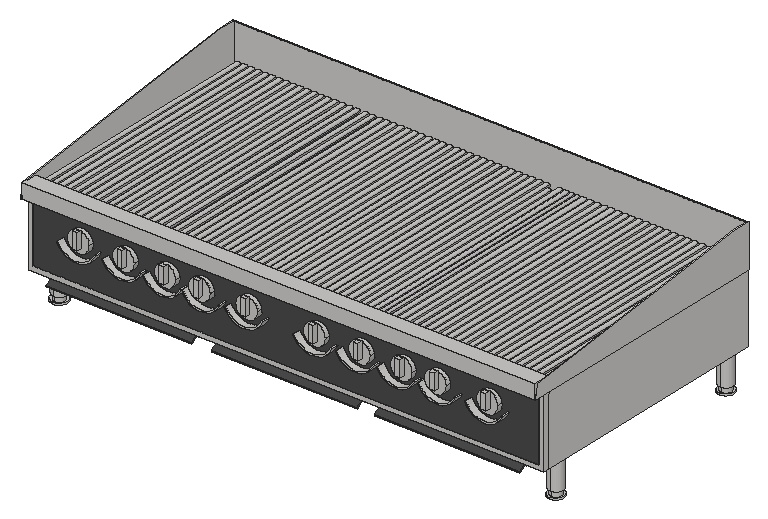
Revit family "QF_Vollrath_960CG", category Specialty Equipment, Revit 2016
Family settings
  Part Type = Normal
  Round Connector Dimension = Use Diameter
  OmniClass Number = 23.40.40.14.17.21
  OmniClass Title = Grills
  Work Plane-Based = No
  Always vertical = Yes
  Cut with Voids When Loaded = No
  Shared = No
  Room Calculation Point = No
Parameters (values of type "960CG")
  Width = 60.00"
  Weight in Pounds = 675
  Watermarked By = "http://revitwatermark.com"
  URL Cutsheet = ""
  URL = ""
  Status [instance] = ""
  Specification by User [instance] = ""
  Specification by Manufacturer [instance] = ""
  Serial Number [instance] = ""
  Seismic Rating [instance] = ""
  Revision Code [instance] = ""
  NAFEM Spec ID Number [instance] = ""
  Model = "960CG"
  Mechanical Remarks [instance] = ""
  Mechanical Connection Type [instance] = ""
  Masterspec [instance] = ""
  Manufacturer = "Vollrath"
  Length = 31.00"
  Item Number [instance] = "-"
  Installed By [instance] = ""
  Height AFF [instance] = 36.00"
  Gas Size = 3/4"
  Gas RI Height [instance] = 0.00"
  Gas Input = 200000.0 Btu/h
  Gas Connection Height [instance] = Height AFF + 5.375"  # 41.375"
  Furnished By [instance] = ""
  Foodservice Equipment Identifier [instance] = yes
  Description = "Heavy Duty Charbroiler"
  CSI MasterFormat = "11 44 00"
  Assembly Code = "E1090320"
Reference planes (in)
  plane 1: z = 0
  plane 2 "BOTTOM": z = 36
  plane 3 "LEFT CLEARANCE": x = -30.72076
  plane 4 "RIGHT CLEARANCE": x = 41.27924
  plane 5 "BACK CLEARANCE": y = 6
  plane 6 "FRONT": y = -31
  plane 7 "Top of Legs": z = 40
  plane 8 "LEFT": x = -24.72076
  plane 9 "RIGHT": x = 35.27924
  plane 10 "BACK": y = 0
  plane 11: z = 39.75
  plane 12: z = 39.5
  plane 13: x = -22.40972
  plane 14: x = -18.72076
  plane 15: x = -15.03179
  plane 16: z = 41.5
  plane 17: x = -12.72076
  plane 18: y = -0.125
  plane 19: x = -24.59576
  plane 20: z = 48.06
  plane 21: x = -6.72076
  plane 22 "TOP": z = 53.06
  plane 23: x = 2.27924
  plane 24: x = 8.27924
  plane 25: x = 5.27924
  plane 26: x = 11.27924
  plane 27: y = -53.12109
  plane 28: z = 48.48003
  plane 29: x = 11.77924
  plane 30: y = 1.375
Forms (in)
  Extrusion 1, solid, material "QF_Finishes_Stainless Steel"
    sketch origin (0, 0, 36) x (0, 1, 0) y (-1, 0, 0)
      loop
        circle (-2, 23.59576) r 0.9375
    from 0 to 0.125
  Extrusion 2, solid, material "QF_Finishes_Stainless Steel"
    sketch origin (0, 0, 36) x (0, 1, 0) y (-1, 0, 0)
      loop
        circle (-2, 23.59576) r 0.625
    from 0.125 to 0.75
  Extrusion 3, solid, material "QF_Finishes_Stainless Steel"
    sketch origin (0, 0, 36) x (0, 1, 0) y (-1, 0, 0)
      loop
        circle (-2, 23.59576) r 0.8125
    from 0.75 to 4
  Extrusion 4, solid, material "QF_Finishes_Stainless Steel"
    sketch origin (33.375, 0, 36) x (0, 1, 0) y (-1, 0, 0)
      loop
        circle (-2, -0.90424) r 0.9375
    from 0 to 0.125
  Extrusion 5, solid, material "QF_Finishes_Stainless Steel"
    sketch origin (33.375, 0, 36) x (0, 1, 0) y (-1, 0, 0)
      loop
        circle (-2, -0.90424) r 0.625
    from 0.125 to 0.75
  Extrusion 6, solid, material "QF_Finishes_Stainless Steel"
    sketch origin (33.375, 0, 36) x (0, 1, 0) y (-1, 0, 0)
      loop
        circle (-2, -0.90424) r 0.8125
    from 0.75 to 4
  Extrusion 7, solid, material "QF_Finishes_Stainless Steel"
    sketch origin (33.375, -25.75, 36) x (0, 1, 0) y (-1, 0, 0)
      loop
        circle (-1, -0.90424) r 0.9375
    from 0 to 0.125
  Extrusion 8, solid, material "QF_Finishes_Stainless Steel"
    sketch origin (33.375, -25.75, 36) x (0, 1, 0) y (-1, 0, 0)
      loop
        circle (-1, -0.90424) r 0.625
    from 0.125 to 0.75
  Extrusion 9, solid, material "QF_Finishes_Stainless Steel"
    sketch origin (33.375, -25.75, 36) x (0, 1, 0) y (-1, 0, 0)
      loop
        circle (-1, -0.90424) r 0.8125
    from 0.75 to 4
  Extrusion 10, solid, material "QF_Finishes_Stainless Steel"
    sketch origin (0, -25.75, 36) x (0, 1, 0) y (-1, 0, 0)
      loop
        circle (-1, 23.59576) r 0.9375
    from 0 to 0.125
  Extrusion 11, solid, material "QF_Finishes_Stainless Steel"
    sketch origin (0, -25.75, 36) x (0, 1, 0) y (-1, 0, 0)
      loop
        circle (-1, 23.59576) r 0.625
    from 0.125 to 0.75
  Extrusion 12, solid, material "QF_Finishes_Stainless Steel"
    sketch origin (0, -25.75, 36) x (0, 1, 0) y (-1, 0, 0)
      loop
        circle (-1, 23.59576) r 0.8125
    from 0.75 to 4
  Extrusion 13, solid, material "QF_Finishes_Stainless Steel"
    sketch origin (0, 0, 36) x (0, 1, 0) y (-1, 0, 0)
      loop
        line (0, 24.72076) -> (-29.04599, 24.72076) -> (-29.04599, -35.27924) -> (0, -35.27924) -> (0, 24.72076)
    from 4 to 12.06
  Extrusion 14, solid, material "QF_Finishes_Black"
    sketch origin (0, -4, 0) x (1, 0, 0) y (0, 0, 1)
      loop
        line (-22.40972, 40) -> (-22.40972, 39.75) -> (-5.48022, 39.75) -> (-5.48022, 40) -> (-22.40972, 40)
    from 0 to 25.04599
  Extrusion 15, solid, material "QF_Finishes_Black"
    sketch origin (0, -4, 0) x (1, 0, 0) y (0, 0, 1)
      loop
        line (-22.40972, 39.75) -> (-22.40972, 39.5) -> (-5.48022, 39.5) -> (-5.48022, 39.75) -> (-22.40972, 39.75)
    from 0 to 25.04599
  Extrusion 16, solid, material "QF_Finishes_Black"
    sketch origin (0, -4, 0) x (1, 0, 0) y (0, 0, 1)
      loop
        line (-24.21829, 47.52818) -> (-24.21829, 40.59949) -> (34.65671, 40.59949) -> (34.65671, 47.52818) -> (-24.21829, 47.52818)
      loop
        circle (-18.54502, 45.36228) r 1.25
      loop
        circle (-13.29502, 45.36228) r 1.25
      loop
        circle (-8.43082, 45.36228) r 1.25
      loop
        circle (1.06918, 45.36228) r 1.25
      loop
        circle (-4.43082, 45.36228) r 1.25
      loop
        circle (8.95498, 45.36228) r 1.25
      loop
        circle (14.20498, 45.36228) r 1.25
      loop
        circle (19.06918, 45.36228) r 1.25
      loop
        circle (29.06918, 45.36228) r 1.25
      loop
        circle (23.06918, 45.36228) r 1.25
    from 25.04599 to 25.75
  Extrusion 17, solid, material "QF_Finishes_Stainless Steel"
    sketch origin (3.25, -4, 0) x (1, 0, 0) y (0, 0, 1)
      loop
        circle (-21.79502, 45.36228) r 1.25
    from 25.04599 to 26.25
  Extrusion 18, solid, material "QF_Finishes_Stainless Steel"
    sketch origin (3.25, -4, 0) x (1, 0, 0) y (0, 0, 1)
      loop
        line (-22.10719, 46.57267) -> (-22.10719, 44.72002) -> (-21.55452, 44.72002) -> (-21.55452, 46.57267) -> (-22.10719, 46.57267)
    from 26.25 to 26.75
  Extrusion 19, solid, material "QF_Finishes_Black"
    sketch origin (-24.72076, 0, 0) x (0, 1, 0) y (0, 0, 1)
      loop
        line (-29.04599, 39.75) -> (-29.04599, 39.81748)
        arc (-29.04599, 39.81748) -> (-29.64263, 39.6735) -> (-30.1385, 39.31181) r 1.57025
        line (-30.1385, 39.31181) -> (-30.07487, 39.24818)
        arc (-30.07487, 39.24818) -> (-29.60779, 39.59619) -> (-29.04599, 39.75) r 1.57025
    from 2.31103 to 19.24054
  Extrusion 20, solid, material "QF_Finishes_Clearances", detail levels coarse
    sketch origin (0, 0, 36) x (0, 1, 0) y (-1, 0, 0)
      loop
        line (6, 30.72076) -> (-31, 30.72076) -> (-31, 24.72076) -> (6, 24.72076) -> (6, 30.72076)
    from 0 to 17.06
  Extrusion 21, solid, material "QF_Finishes_Clearances", detail levels coarse
    sketch origin (0, 0, 36) x (0, 1, 0) y (-1, 0, 0)
      loop
        line (6, -35.27924) -> (-31, -35.27924) -> (-31, -41.27924) -> (6, -41.27924) -> (6, -35.27924)
    from 0 to 17.06
  Extrusion 22, solid, material "QF_Finishes_Clearances", detail levels coarse
    sketch origin (0, 0, 36) x (0, 1, 0) y (-1, 0, 0)
      loop
        line (6, 24.72076) -> (0, 24.72076) -> (0, -35.27924) -> (6, -35.27924) -> (6, 24.72076)
    from 0 to 17.06
  Extrusion 23, solid, material "QF_Finishes_Stainless Steel"
    sketch origin (27.31103, 0, 0) x (1, 0, 0) y (0, 0, 1)
      loop
        circle (-15.53179, 41.5) r 0.375
    from -1.375 to 0
  Extrusion 24, solid, material "QF_Finishes_Stainless Steel"
    sketch origin (-36.59576, 0, 0) x (0, 1, 0) y (0, 0, 1)
      loop
        line (-1.85356, 53.06) -> (-30.61694, 49.57986) -> (-31.00644, 48.06) -> (0, 48.06) -> (0, 53.06) -> (-1.85356, 53.06)
    from 11.875 to 12
  Extrusion 25, solid, material "QF_Finishes_Stainless Steel"
    sketch origin (-24.72076, 0, 0) x (0, 1, 0) y (0, 0, 1)
      loop
        line (-29.04599, 48.06) -> (-29.04599, 49.685) -> (-31, 49.685) -> (-31, 48.06) -> (-29.04599, 48.06)
    from 0.125 to 59.875
  Extrusion 26, solid, material "QF_Finishes_Stainless Steel"
    sketch origin (0, -4, 0) x (1, 0, 0) y (0, 0, 1)
      loop
        line (-24.72076, 48.06) -> (-24.72076, 40) -> (35.27924, 40) -> (35.27924, 48.06) -> (-24.72076, 48.06)
      loop
        line (-24.21829, 47.52818) -> (-24.21829, 40.59949) -> (34.65671, 40.59949) -> (34.65671, 47.52818) -> (-24.21829, 47.52818)
    from 25.04599 to 25.75
  Extrusion 27, solid, material "QF_Finishes_Stainless Steel"
    sketch origin (23.27924, 0, 0) x (0, 1, 0) y (0, 0, 1)
      loop
        line (-30.61026, 49.58067) -> (-31, 48.06) -> (0, 48.06) -> (0, 53.06) -> (-1.85356, 53.06) -> (-30.61026, 49.58067)
    from 11.875 to 12
  Extrusion 28, solid, material "QF_Finishes_Stainless Steel"
    sketch origin (-24.72076, 0, 0) x (0, 1, 0) y (0, 0, 1)
      loop
        line (-0.125, 53.06) -> (-0.125, 48.06) -> (0, 48.06) -> (0, 53.06) -> (-0.125, 53.06)
    from 0 to 60
  Extrusion 29, solid, material "QF_Finishes_Stainless Steel"
    sketch origin (0, 0, 0.5) x (1, 0, 0) y (0, 0, 1)
      loop
        circle (-24.02485, 48.31421) r 0.25
    from 0 to 29.04599
  Extrusion 30, solid, material "QF_Finishes_Stainless Steel"
    sketch origin (0.8089, 0, 0.5) x (1, 0, 0) y (0, 0, 1)
      loop
        circle (-24.02485, 48.31421) r 0.25
    from 0 to 29.04599
  Extrusion 31, solid, material "QF_Finishes_Stainless Steel"
    sketch origin (1.62977, 0, 0.5) x (1, 0, 0) y (0, 0, 1)
      loop
        circle (-24.02485, 48.31421) r 0.25
    from 0 to 29.04599
  Extrusion 32, solid, material "QF_Finishes_Stainless Steel"
    sketch origin (2.43868, 0, 0.5) x (1, 0, 0) y (0, 0, 1)
      loop
        circle (-24.02485, 48.31421) r 0.25
    from 0 to 29.04599
  Extrusion 33, solid, material "QF_Finishes_Stainless Steel"
    sketch origin (3.25954, 0, 0.5) x (1, 0, 0) y (0, 0, 1)
      loop
        circle (-24.02485, 48.31421) r 0.25
    from 0 to 29.04599
  Extrusion 34, solid, material "QF_Finishes_Stainless Steel"
    sketch origin (4.06845, 0, 0.5) x (1, 0, 0) y (0, 0, 1)
      loop
        circle (-24.02485, 48.31421) r 0.25
    from 0 to 29.04599
  Extrusion 35, solid, material "QF_Finishes_Stainless Steel"
    sketch origin (4.88932, 0, 0.5) x (1, 0, 0) y (0, 0, 1)
      loop
        circle (-24.02485, 48.31421) r 0.25
    from 0 to 29.04599
  Extrusion 36, solid, material "QF_Finishes_Stainless Steel"
    sketch origin (5.69822, 0, 0.5) x (1, 0, 0) y (0, 0, 1)
      loop
        circle (-24.02485, 48.31421) r 0.25
    from 0 to 29.04599
  Extrusion 37, solid, material "QF_Finishes_Stainless Steel"
    sketch origin (6.51909, 0, 0.5) x (1, 0, 0) y (0, 0, 1)
      loop
        circle (-24.02485, 48.31421) r 0.25
    from 0 to 29.04599
  Extrusion 38, solid, material "QF_Finishes_Stainless Steel"
    sketch origin (7.32799, 0, 0.5) x (1, 0, 0) y (0, 0, 1)
      loop
        circle (-24.02485, 48.31421) r 0.25
    from 0 to 29.04599
  Extrusion 39, solid, material "QF_Finishes_Stainless Steel"
    sketch origin (8.14886, 0, 0.5) x (1, 0, 0) y (0, 0, 1)
      loop
        circle (-24.02485, 48.31421) r 0.25
    from 0 to 29.04599
  Extrusion 40, solid, material "QF_Finishes_Stainless Steel"
    sketch origin (8.95777, 0, 0.5) x (1, 0, 0) y (0, 0, 1)
      loop
        circle (-24.02485, 48.31421) r 0.25
    from 0 to 29.04599
  Extrusion 41, solid, material "QF_Finishes_Stainless Steel"
    sketch origin (9.76477, 0, 0.5) x (1, 0, 0) y (0, 0, 1)
      loop
        circle (-24.02485, 48.31421) r 0.25
    from 0 to 29.04599
  Extrusion 42, solid, material "QF_Finishes_Stainless Steel"
    sketch origin (10.57367, 0, 0.5) x (1, 0, 0) y (0, 0, 1)
      loop
        circle (-24.02485, 48.31421) r 0.25
    from 0 to 29.04599
  Extrusion 43, solid, material "QF_Finishes_Stainless Steel"
    sketch origin (11.39454, 0, 0.5) x (1, 0, 0) y (0, 0, 1)
      loop
        circle (-24.02485, 48.31421) r 0.25
    from 0 to 29.04599
  Extrusion 44, solid, material "QF_Finishes_Stainless Steel"
    sketch origin (12.26638, 0, 0.5) x (1, 0, 0) y (0, 0, 1)
      loop
        circle (-24.02485, 48.31421) r 0.25
    from 0 to 29.04599
  Extrusion 45, solid, material "QF_Finishes_Stainless Steel"
    sketch origin (13.08724, 0, 0.5) x (1, 0, 0) y (0, 0, 1)
      loop
        circle (-24.02485, 48.31421) r 0.25
    from 0 to 29.04599
  Extrusion 46, solid, material "QF_Finishes_Stainless Steel"
    sketch origin (13.89615, 0, 0.5) x (1, 0, 0) y (0, 0, 1)
      loop
        circle (-24.02485, 48.31421) r 0.25
    from 0 to 29.04599
  Extrusion 47, solid, material "QF_Finishes_Stainless Steel"
    sketch origin (15.40006, 0, 0.5) x (1, 0, 0) y (0, 0, 1)
      loop
        circle (-24.52485, 48.31421) r 0.25
    from 0 to 29.04599
  Extrusion 48, solid, material "QF_Finishes_Stainless Steel"
    sketch origin (16.22092, 0, 0.5) x (1, 0, 0) y (0, 0, 1)
      loop
        circle (-24.52485, 48.31421) r 0.25
    from 0 to 29.04599
  Extrusion 49, solid, material "QF_Finishes_Stainless Steel"
    sketch origin (17.09276, 0, 0.5) x (1, 0, 0) y (0, 0, 1)
      loop
        circle (-24.52485, 48.31421) r 0.25
    from 0 to 29.04599
  Extrusion 50, solid, material "QF_Finishes_Stainless Steel"
    sketch origin (17.91363, 0, 0.5) x (1, 0, 0) y (0, 0, 1)
      loop
        circle (-24.52485, 48.31421) r 0.25
    from 0 to 29.04599
  Extrusion 51, solid, material "QF_Finishes_Stainless Steel"
    sketch origin (18.72253, 0, 0.5) x (1, 0, 0) y (0, 0, 1)
      loop
        circle (-24.52485, 48.31421) r 0.25
    from 0 to 29.04599
  Extrusion 52, solid, material "QF_Finishes_Stainless Steel"
    sketch origin (19.5434, 0, 0.5) x (1, 0, 0) y (0, 0, 1)
      loop
        circle (-24.52485, 48.31421) r 0.25
    from 0 to 29.04599
  Extrusion 53, solid, material "QF_Finishes_Stainless Steel"
    sketch origin (20.3523, 0, 0.5) x (1, 0, 0) y (0, 0, 1)
      loop
        circle (-24.52485, 48.31421) r 0.25
    from 0 to 29.04599
  Extrusion 54, solid, material "QF_Finishes_Stainless Steel"
    sketch origin (21.17317, 0, 0.5) x (1, 0, 0) y (0, 0, 1)
      loop
        circle (-24.52485, 48.31421) r 0.25
    from 0 to 29.04599
  Extrusion 55, solid, material "QF_Finishes_Stainless Steel"
    sketch origin (21.98208, 0, 0.5) x (1, 0, 0) y (0, 0, 1)
      loop
        circle (-24.52485, 48.31421) r 0.25
    from 0 to 29.04599
  Extrusion 56, solid, material "QF_Finishes_Stainless Steel"
    sketch origin (22.80294, 0, 0.5) x (1, 0, 0) y (0, 0, 1)
      loop
        circle (-24.52485, 48.31421) r 0.25
    from 0 to 29.04599
  Extrusion 57, solid, material "QF_Finishes_Stainless Steel"
    sketch origin (23.61185, 0, 0.5) x (1, 0, 0) y (0, 0, 1)
      loop
        circle (-24.52485, 48.31421) r 0.25
    from 0 to 29.04599
  Extrusion 58, solid, material "QF_Finishes_Stainless Steel"
    sketch origin (24.43272, 0, 0.5) x (1, 0, 0) y (0, 0, 1)
      loop
        circle (-24.52485, 48.31421) r 0.25
    from 0 to 29.04599
  Extrusion 59, solid, material "QF_Finishes_Stainless Steel"
    sketch origin (25.24162, 0, 0.5) x (1, 0, 0) y (0, 0, 1)
      loop
        circle (-24.52485, 48.31421) r 0.25
    from 0 to 29.04599
  Extrusion 60, solid, material "QF_Finishes_Stainless Steel"
    sketch origin (26.06249, 0, 0.5) x (1, 0, 0) y (0, 0, 1)
      loop
        circle (-24.52485, 48.31421) r 0.25
    from 0 to 29.04599
  Extrusion 61, solid, material "QF_Finishes_Stainless Steel"
    sketch origin (26.87139, 0, 0.5) x (1, 0, 0) y (0, 0, 1)
      loop
        circle (-12.02485, 48.31421) r 0.25
    from 0 to 29.04599
  Extrusion 62, solid, material "QF_Finishes_Stainless Steel"
    sketch origin (28.50117, 0, 0.5) x (1, 0, 0) y (0, 0, 1)
      loop
        circle (-0.02485, 48.31421) r 0.25
    from 0 to 29.04599
  Extrusion 63, solid, material "QF_Finishes_Stainless Steel"
    sketch origin (29.32203, 0, 0.5) x (1, 0, 0) y (0, 0, 1)
      loop
        circle (-0.02485, 48.31421) r 0.25
    from 0 to 29.04599
  Extrusion 64, solid, material "QF_Finishes_Stainless Steel"
    sketch origin (30.13094, 0, 0.5) x (1, 0, 0) y (0, 0, 1)
      loop
        circle (-0.02485, 48.31421) r 0.25
    from 0 to 29.04599
  Extrusion 65, solid, material "QF_Finishes_Stainless Steel"
    sketch origin (30.9518, 0, 0.5) x (1, 0, 0) y (0, 0, 1)
      loop
        circle (-0.02485, 48.31421) r 0.25
    from 0 to 29.04599
  Extrusion 66, solid, material "QF_Finishes_Stainless Steel"
    sketch origin (31.76071, 0, 0.5) x (1, 0, 0) y (0, 0, 1)
      loop
        circle (-0.02485, 48.31421) r 0.25
    from 0 to 29.04599
  Extrusion 67, solid, material "QF_Finishes_Stainless Steel"
    sketch origin (32.58158, 0, 0.5) x (1, 0, 0) y (0, 0, 1)
      loop
        circle (-0.02485, 48.31421) r 0.25
    from 0 to 29.04599
  Extrusion 68, solid, material "QF_Finishes_Stainless Steel"
    sketch origin (33.40244, 0, 0.5) x (1, 0, 0) y (0, 0, 1)
      loop
        circle (-0.02485, 48.31421) r 0.25
    from 0 to 29.04599
  Extrusion 69, solid, material "QF_Finishes_Stainless Steel"
    sketch origin (34.21135, 0, 0.5) x (1, 0, 0) y (0, 0, 1)
      loop
        circle (-0.02485, 48.31421) r 0.25
    from 0 to 29.04599
  Extrusion 70, solid, material "QF_Finishes_Stainless Steel"
    sketch origin (17.86419, -4, 0) x (1, 0, 0) y (0, 0, 1)
      loop
        circle (-22.29502, 45.36228) r 1.25
    from 25.04599 to 26.25
  Extrusion 71, solid, material "QF_Finishes_Stainless Steel"
    sketch origin (17.86419, -4, 0) x (1, 0, 0) y (0, 0, 1)
      loop
        line (-22.60719, 46.57267) -> (-22.60719, 44.72002) -> (-22.05452, 44.72002) -> (-22.05452, 46.57267) -> (-22.60719, 46.57267)
    from 26.25 to 26.75
  Extrusion 72, solid, material "QF_Finishes_Stainless Steel"
    sketch origin (26.78759, 0, 0.5) x (1, 0, 0) y (0, 0, 1)
      loop
        circle (-24.52485, 48.31421) r 0.25
    from 0 to 29.04599
  Extrusion 73, solid, material "QF_Finishes_Stainless Steel"
    sketch origin (27.59649, 0, 0.5) x (1, 0, 0) y (0, 0, 1)
      loop
        circle (-24.52485, 48.31421) r 0.25
    from 0 to 29.04599
  Extrusion 74, solid, material "QF_Finishes_Stainless Steel"
    sketch origin (28.41736, -8.45401, 0.50915) x (1, 0, 0) y (0, 0, 1)
      loop
        circle (-24.52485, 48.31421) r 0.25
    from -8.45401 to 20.59197
  Extrusion 75, solid, material "QF_Finishes_Stainless Steel"
    sketch origin (29.22627, 0, 0.5) x (1, 0, 0) y (0, 0, 1)
      loop
        circle (-24.52485, 48.31421) r 0.25
    from 0 to 29.04599
  Extrusion 76, solid, material "QF_Finishes_Stainless Steel"
    sketch origin (30.04713, 0, 0.5) x (1, 0, 0) y (0, 0, 1)
      loop
        circle (-24.52485, 48.31421) r 0.25
    from 0 to 29.04599
  Extrusion 77, solid, material "QF_Finishes_Stainless Steel"
    sketch origin (30.85604, 0, 0.5) x (1, 0, 0) y (0, 0, 1)
      loop
        circle (-24.52485, 48.31421) r 0.25
    from 0 to 29.04599
  Extrusion 78, solid, material "QF_Finishes_Stainless Steel"
    sketch origin (31.67691, 0, 0.5) x (1, 0, 0) y (0, 0, 1)
      loop
        circle (-24.52485, 48.31421) r 0.25
    from 0 to 29.04599
  Extrusion 79, solid, material "QF_Finishes_Stainless Steel"
    sketch origin (32.48581, 0, 0.5) x (1, 0, 0) y (0, 0, 1)
      loop
        circle (-24.52485, 48.31421) r 0.25
    from 0 to 29.04599
  Extrusion 80, solid, material "QF_Finishes_Stainless Steel"
    sketch origin (33.30668, 0, 0.5) x (1, 0, 0) y (0, 0, 1)
      loop
        circle (-24.52485, 48.31421) r 0.25
    from 0 to 29.04599
  Extrusion 81, solid, material "QF_Finishes_Stainless Steel"
    sketch origin (34.03178, 0, 0.5) x (1, 0, 0) y (0, 0, 1)
      loop
        circle (-24.52485, 48.31421) r 0.25
    from 0 to 29.04599
  Extrusion 82, solid, material "QF_Finishes_Stainless Steel"
    sketch origin (34.85265, 0, 0.5) x (1, 0, 0) y (0, 0, 1)
      loop
        circle (-24.52485, 48.31421) r 0.25
    from 0 to 29.04599
  Extrusion 83, solid, material "QF_Finishes_Stainless Steel"
    sketch origin (35.66155, 0, 0.5) x (1, 0, 0) y (0, 0, 1)
      loop
        circle (-24.52485, 48.31421) r 0.25
    from 0 to 29.04599
  Extrusion 84, solid, material "QF_Finishes_Stainless Steel"
    sketch origin (36.48242, 0, 0.5) x (1, 0, 0) y (0, 0, 1)
      loop
        circle (-24.52485, 48.31421) r 0.25
    from 0 to 29.04599
  Extrusion 85, solid, material "QF_Finishes_Stainless Steel"
    sketch origin (37.20752, -8.70401, 0.46966) x (1, 0, 0) y (0, 0, 1)
      loop
        circle (-24.52485, 48.31421) r 0.25
    from -7.80528 to 20.34197
  Extrusion 86, solid, material "QF_Finishes_Stainless Steel"
    sketch origin (38.02839, 0, 0.5) x (1, 0, 0) y (0, 0, 1)
      loop
        circle (-24.52485, 48.31421) r 0.25
    from 0 to 29.04599
  Extrusion 87, solid, material "QF_Finishes_Stainless Steel"
    sketch origin (38.75349, 0, 0.5) x (1, 0, 0) y (0, 0, 1)
      loop
        circle (-24.52485, 48.31421) r 0.25
    from 0 to 29.04599
  Extrusion 88, solid, material "QF_Finishes_Stainless Steel"
    sketch origin (22.00117, 0, 0.5) x (1, 0, 0) y (0, 0, 1)
      loop
        circle (-0.02485, 48.31421) r 0.25
    from 0 to 29.04599
  Extrusion 89, solid, material "QF_Finishes_Stainless Steel"
    sketch origin (22.82203, 0, 0.5) x (1, 0, 0) y (0, 0, 1)
      loop
        circle (-0.02485, 48.31421) r 0.25
    from 0 to 29.04599
  Extrusion 90, solid, material "QF_Finishes_Stainless Steel"
    sketch origin (23.63094, 0, 0.5) x (1, 0, 0) y (0, 0, 1)
      loop
        circle (-0.02485, 48.31421) r 0.25
    from 0 to 29.04599
  Extrusion 91, solid, material "QF_Finishes_Stainless Steel"
    sketch origin (24.4518, 0, 0.5) x (1, 0, 0) y (0, 0, 1)
      loop
        circle (-0.02485, 48.31421) r 0.25
    from 0 to 29.04599
  Extrusion 92, solid, material "QF_Finishes_Stainless Steel"
    sketch origin (25.26071, 0, 0.5) x (1, 0, 0) y (0, 0, 1)
      loop
        circle (-0.02485, 48.31421) r 0.25
    from 0 to 29.04599
  Extrusion 93, solid, material "QF_Finishes_Stainless Steel"
    sketch origin (26.08158, 0, 0.5) x (1, 0, 0) y (0, 0, 1)
      loop
        circle (-0.02485, 48.31421) r 0.25
    from 0 to 29.04599
  Extrusion 94, solid, material "QF_Finishes_Stainless Steel"
    sketch origin (26.90244, 0, 0.5) x (1, 0, 0) y (0, 0, 1)
      loop
        circle (-0.02485, 48.31421) r 0.25
    from 0 to 29.04599
  Extrusion 95, solid, material "QF_Finishes_Stainless Steel"
    sketch origin (27.71135, 0, 0.5) x (1, 0, 0) y (0, 0, 1)
      loop
        circle (-0.02485, 48.31421) r 0.25
    from 0 to 29.04599
  Extrusion 96, solid, material "QF_Finishes_Stainless Steel"
    sketch origin (15.50117, 0, 0.5) x (1, 0, 0) y (0, 0, 1)
      loop
        circle (-0.02485, 48.31421) r 0.25
    from 0 to 29.04599
  Extrusion 97, solid, material "QF_Finishes_Stainless Steel"
    sketch origin (16.32203, 0, 0.5) x (1, 0, 0) y (0, 0, 1)
      loop
        circle (-0.02485, 48.31421) r 0.25
    from 0 to 29.04599
  Extrusion 98, solid, material "QF_Finishes_Stainless Steel"
    sketch origin (17.13094, 0, 0.5) x (1, 0, 0) y (0, 0, 1)
      loop
        circle (-0.02485, 48.31421) r 0.25
    from 0 to 29.04599
  Extrusion 99, solid, material "QF_Finishes_Stainless Steel"
    sketch origin (17.9518, 0, 0.5) x (1, 0, 0) y (0, 0, 1)
      loop
        circle (-0.02485, 48.31421) r 0.25
    from 0 to 29.04599
  Extrusion 100, solid, material "QF_Finishes_Stainless Steel"
    sketch origin (18.76071, 0, 0.5) x (1, 0, 0) y (0, 0, 1)
      loop
        circle (-0.02485, 48.31421) r 0.25
    from 0 to 29.04599
  Extrusion 101, solid, material "QF_Finishes_Stainless Steel"
    sketch origin (19.58158, 0, 0.5) x (1, 0, 0) y (0, 0, 1)
      loop
        circle (-0.02485, 48.31421) r 0.25
    from 0 to 29.04599
  Extrusion 102, solid, material "QF_Finishes_Stainless Steel"
    sketch origin (20.40244, 0, 0.5) x (1, 0, 0) y (0, 0, 1)
      loop
        circle (-0.02485, 48.31421) r 0.25
    from 0 to 29.04599
  Extrusion 103, solid, material "QF_Finishes_Stainless Steel"
    sketch origin (21.21135, 0, 0.5) x (1, 0, 0) y (0, 0, 1)
      loop
        circle (-0.02485, 48.31421) r 0.25
    from 0 to 29.04599
  Extrusion 104, solid, material "QF_Finishes_Black"
    sketch origin (38.25, -4, 0) x (1, 0, 0) y (0, 0, 1)
      loop
        line (-22.40972, 40) -> (-22.40972, 39.75) -> (-5.48022, 39.75) -> (-5.48022, 40) -> (-22.40972, 40)
    from 0 to 25.04599
  Extrusion 105, solid, material "QF_Finishes_Black"
    sketch origin (38.25, -4, 0) x (1, 0, 0) y (0, 0, 1)
      loop
        line (-22.40972, 39.75) -> (-22.40972, 39.5) -> (-5.48022, 39.5) -> (-5.48022, 39.75) -> (-22.40972, 39.75)
    from 0 to 25.04599
  Extrusion 106, solid, material "QF_Finishes_Black"
    sketch origin (13.52924, 0, 0) x (0, 1, 0) y (0, 0, 1)
      loop
        line (-29.04599, 39.75) -> (-29.04599, 39.81748)
        arc (-29.04599, 39.81748) -> (-29.64263, 39.6735) -> (-30.1385, 39.31181) r 1.57025
        line (-30.1385, 39.31181) -> (-30.07487, 39.24818)
        arc (-30.07487, 39.24818) -> (-29.60779, 39.59619) -> (-29.04599, 39.75) r 1.57025
    from 2.31103 to 19.24054
  Extrusion 107, solid, material "QF_Finishes_Black"
    sketch origin (19.2761, -4, 0) x (1, 0, 0) y (0, 0, 1)
      loop
        line (-22.40972, 40) -> (-22.40972, 39.75) -> (-5.48022, 39.75) -> (-5.48022, 40) -> (-22.40972, 40)
    from 0 to 25.04599
  Extrusion 108, solid, material "QF_Finishes_Black"
    sketch origin (19.2761, -4, 0) x (1, 0, 0) y (0, 0, 1)
      loop
        line (-22.40972, 39.75) -> (-22.40972, 39.5) -> (-5.48022, 39.5) -> (-5.48022, 39.75) -> (-22.40972, 39.75)
    from 0 to 25.04599
  Extrusion 109, solid, material "QF_Finishes_Black"
    sketch origin (-5.44465, 0, 0) x (0, 1, 0) y (0, 0, 1)
      loop
        line (-29.04599, 39.75) -> (-29.04599, 39.81748)
        arc (-29.04599, 39.81748) -> (-29.64263, 39.6735) -> (-30.1385, 39.31181) r 1.57025
        line (-30.1385, 39.31181) -> (-30.07487, 39.24818)
        arc (-30.07487, 39.24818) -> (-29.60779, 39.59619) -> (-29.04599, 39.75) r 1.57025
    from 2.31103 to 19.24054
  Extrusion 110, solid, material "QF_Finishes_Stainless Steel"
    sketch origin (8.5, -4, 0) x (1, 0, 0) y (0, 0, 1)
      loop
        circle (-21.79502, 45.36228) r 1.25
    from 25.04599 to 26.25
  Extrusion 111, solid, material "QF_Finishes_Stainless Steel"
    sketch origin (8.5, -4, 0) x (1, 0, 0) y (0, 0, 1)
      loop
        line (-22.10719, 46.57267) -> (-22.10719, 44.72002) -> (-21.55452, 44.72002) -> (-21.55452, 46.57267) -> (-22.10719, 46.57267)
    from 26.25 to 26.75
  Extrusion 112, solid, material "QF_Finishes_Stainless Steel"
    sketch origin (13.36419, -4, 0) x (1, 0, 0) y (0, 0, 1)
      loop
        circle (-21.79502, 45.36228) r 1.25
    from 25.04599 to 26.25
  Extrusion 113, solid, material "QF_Finishes_Stainless Steel"
    sketch origin (13.36419, -4, 0) x (1, 0, 0) y (0, 0, 1)
      loop
        line (-22.10719, 46.57267) -> (-22.10719, 44.72002) -> (-21.55452, 44.72002) -> (-21.55452, 46.57267) -> (-22.10719, 46.57267)
    from 26.25 to 26.75
  Extrusion 114, solid, material "QF_Finishes_Stainless Steel"
    sketch origin (22.86419, -4, 0) x (1, 0, 0) y (0, 0, 1)
      loop
        circle (-21.79502, 45.36228) r 1.25
    from 25.04599 to 26.25
  Extrusion 115, solid, material "QF_Finishes_Stainless Steel"
    sketch origin (22.86419, -4, 0) x (1, 0, 0) y (0, 0, 1)
      loop
        line (-22.10719, 46.57267) -> (-22.10719, 44.72002) -> (-21.55452, 44.72002) -> (-21.55452, 46.57267) -> (-22.10719, 46.57267)
    from 26.25 to 26.75
  Extrusion 116, solid, material "QF_Finishes_Stainless Steel"
    sketch origin (30.75, -4, 0) x (1, 0, 0) y (0, 0, 1)
      loop
        circle (-21.79502, 45.36228) r 1.25
    from 25.04599 to 26.25
  Extrusion 117, solid, material "QF_Finishes_Stainless Steel"
    sketch origin (30.75, -4, 0) x (1, 0, 0) y (0, 0, 1)
      loop
        line (-22.10719, 46.57267) -> (-22.10719, 44.72002) -> (-21.55452, 44.72002) -> (-21.55452, 46.57267) -> (-22.10719, 46.57267)
    from 26.25 to 26.75
  Extrusion 118, solid, material "QF_Finishes_Stainless Steel"
    sketch origin (36, -4, 0) x (1, 0, 0) y (0, 0, 1)
      loop
        circle (-21.79502, 45.36228) r 1.25
    from 25.04599 to 26.25
  Extrusion 119, solid, material "QF_Finishes_Stainless Steel"
    sketch origin (36, -4, 0) x (1, 0, 0) y (0, 0, 1)
      loop
        line (-22.10719, 46.57267) -> (-22.10719, 44.72002) -> (-21.55452, 44.72002) -> (-21.55452, 46.57267) -> (-22.10719, 46.57267)
    from 26.25 to 26.75
  Extrusion 120, solid, material "QF_Finishes_Stainless Steel"
    sketch origin (40.86419, -4, 0) x (1, 0, 0) y (0, 0, 1)
      loop
        circle (-21.79502, 45.36228) r 1.25
    from 25.04599 to 26.25
  Extrusion 121, solid, material "QF_Finishes_Stainless Steel"
    sketch origin (40.86419, -4, 0) x (1, 0, 0) y (0, 0, 1)
      loop
        line (-22.10719, 46.57267) -> (-22.10719, 44.72002) -> (-21.55452, 44.72002) -> (-21.55452, 46.57267) -> (-22.10719, 46.57267)
    from 26.25 to 26.75
  Extrusion 122, solid, material "QF_Finishes_Stainless Steel"
    sketch origin (44.86419, -4, 0) x (1, 0, 0) y (0, 0, 1)
      loop
        circle (-21.79502, 45.36228) r 1.25
    from 25.04599 to 26.25
  Extrusion 123, solid, material "QF_Finishes_Stainless Steel"
    sketch origin (44.86419, -4, 0) x (1, 0, 0) y (0, 0, 1)
      loop
        line (-22.10719, 46.57267) -> (-22.10719, 44.72002) -> (-21.55452, 44.72002) -> (-21.55452, 46.57267) -> (-22.10719, 46.57267)
    from 26.25 to 26.75
  Extrusion 124, solid, material "QF_Finishes_Stainless Steel"
    sketch origin (50.86419, -4, 0) x (1, 0, 0) y (0, 0, 1)
      loop
        circle (-21.79502, 45.36228) r 1.25
    from 25.04599 to 26.25
  Extrusion 125, solid, material "QF_Finishes_Stainless Steel"
    sketch origin (50.86419, -4, 0) x (1, 0, 0) y (0, 0, 1)
      loop
        line (-22.10719, 46.57267) -> (-22.10719, 44.72002) -> (-21.55452, 44.72002) -> (-21.55452, 46.57267) -> (-22.10719, 46.57267)
    from 26.25 to 26.75
  Extrusion 126, solid, material "QF_Finishes_Black"
    sketch origin (0, 0, 0) x (1, 0, 0) y (0, 0, 1)
      loop
        line (-24.59576, 48.06) -> (35.15424, 48.06) -> (35.15424, 48.48003) -> (-24.59576, 48.48003) -> (-24.59576, 48.06)
    from 0 to 29.04599
  Sweep 127, solid, material "QF_Finishes_Stainless Steel"
    path origin (1.65236, -30.63083, 0.76433) x (1, 0, 0) y (0, 0, 1)
      loop
        arc (-22.40972, 44.02818) -> (-20.15972, 42.59334) -> (-17.90972, 44.02818) r 2.48155
    profile origin (-18.50737, -30.63083, 43.35767) x (0, 0, 1) y (0, -1, 0)
      loop
        line (0, 0) -> (0, -0.83484) -> (0.14592, -0.83484) -> (0.14592, 0) -> (0, 0)
  Sweep 128, solid, material "QF_Finishes_Stainless Steel"
    path origin (6.90236, -30.63083, 0.76433) x (1, 0, 0) y (0, 0, 1)
      loop
        arc (-22.40972, 44.02818) -> (-20.15972, 42.59334) -> (-17.90972, 44.02818) r 2.48155
    profile origin (-13.25737, -30.63083, 43.35767) x (0, 0, 1) y (0, -1, 0)
      loop
        line (0, 0) -> (0, -0.83484) -> (0.14592, -0.83484) -> (0.14592, 0) -> (0, 0)
  Sweep 129, solid, material "QF_Finishes_Stainless Steel"
    path origin (11.65236, -30.63083, 0.76433) x (1, 0, 0) y (0, 0, 1)
      loop
        arc (-22.40972, 44.02818) -> (-20.15972, 42.59334) -> (-17.90972, 44.02818) r 2.48155
    profile origin (-8.50737, -30.63083, 43.35767) x (0, 0, 1) y (0, -1, 0)
      loop
        line (0, 0) -> (0, -0.83484) -> (0.14592, -0.83484) -> (0.14592, 0) -> (0, 0)
  Sweep 130, solid, material "QF_Finishes_Stainless Steel"
    path origin (16.15236, -30.63083, 0.76433) x (1, 0, 0) y (0, 0, 1)
      loop
        arc (-22.40972, 44.02818) -> (-20.15972, 42.59334) -> (-17.90972, 44.02818) r 2.48155
    profile origin (-4.00737, -30.63083, 43.35767) x (0, 0, 1) y (0, -1, 0)
      loop
        line (0, 0) -> (0, -0.83484) -> (0.14592, -0.83484) -> (0.14592, 0) -> (0, 0)
  Sweep 131, solid, material "QF_Finishes_Stainless Steel"
    path origin (21.15236, -30.63083, 0.76433) x (1, 0, 0) y (0, 0, 1)
      loop
        arc (-22.40972, 44.02818) -> (-20.15972, 42.59334) -> (-17.90972, 44.02818) r 2.48155
    profile origin (0.99263, -30.63083, 43.35767) x (0, 0, 1) y (0, -1, 0)
      loop
        line (0, 0) -> (0, -0.83484) -> (0.14592, -0.83484) -> (0.14592, 0) -> (0, 0)
  Sweep 132, solid, material "QF_Finishes_Stainless Steel"
    path origin (49.15236, -30.63083, 0.76433) x (1, 0, 0) y (0, 0, 1)
      loop
        arc (-22.40972, 44.02818) -> (-20.15972, 42.59334) -> (-17.90972, 44.02818) r 2.48155
    profile origin (28.99263, -30.63083, 43.35767) x (0, 0, 1) y (0, -1, 0)
      loop
        line (0, 0) -> (0, -0.83484) -> (0.14592, -0.83484) -> (0.14592, 0) -> (0, 0)
  Sweep 133, solid, material "QF_Finishes_Stainless Steel"
    path origin (43.65236, -30.63083, 0.76433) x (1, 0, 0) y (0, 0, 1)
      loop
        arc (-22.40972, 44.02818) -> (-20.15972, 42.59334) -> (-17.90972, 44.02818) r 2.48155
    profile origin (23.49263, -30.63083, 43.35767) x (0, 0, 1) y (0, -1, 0)
      loop
        line (0, 0) -> (0, -0.83484) -> (0.14592, -0.83484) -> (0.14592, 0) -> (0, 0)
  Sweep 134, solid, material "QF_Finishes_Stainless Steel"
    path origin (38.90236, -30.63083, 0.76433) x (1, 0, 0) y (0, 0, 1)
      loop
        arc (-22.40972, 44.02818) -> (-20.15972, 42.59334) -> (-17.90972, 44.02818) r 2.48155
    profile origin (18.74263, -30.63083, 43.35767) x (0, 0, 1) y (0, -1, 0)
      loop
        line (0, 0) -> (0, -0.83484) -> (0.14592, -0.83484) -> (0.14592, 0) -> (0, 0)
  Sweep 135, solid, material "QF_Finishes_Stainless Steel"
    path origin (34.15236, -30.63083, 0.76433) x (1, 0, 0) y (0, 0, 1)
      loop
        arc (-22.40972, 44.02818) -> (-20.15972, 42.59334) -> (-17.90972, 44.02818) r 2.48155
    profile origin (13.99263, -30.63083, 43.35767) x (0, 0, 1) y (0, -1, 0)
      loop
        line (0, 0) -> (0, -0.83484) -> (0.14592, -0.83484) -> (0.14592, 0) -> (0, 0)
  Sweep 136, solid, material "QF_Finishes_Stainless Steel"
    path origin (29.15236, -30.63083, 0.76433) x (1, 0, 0) y (0, 0, 1)
      loop
        arc (-22.40972, 44.02818) -> (-20.15972, 42.59334) -> (-17.90972, 44.02818) r 2.48155
    profile origin (8.99263, -30.63083, 43.35767) x (0, 0, 1) y (0, -1, 0)
      loop
        line (0, 0) -> (0, -0.83484) -> (0.14592, -0.83484) -> (0.14592, 0) -> (0, 0)
Lines and regions (in)
  symbolic lines, style "QF_Clearances", detail levels coarse
    curve 1: line (-30.72076, -31, 36) -> (-30.72076, 6, 36)
    curve 2: line (-30.72076, 6, 36) -> (-24.72076, 6, 36)
    curve 3: line (-24.72076, 6, 36) -> (35.27924, 6, 36)
    curve 4: line (35.27924, 6, 36) -> (41.27924, 6, 36)
    curve 5: line (41.27924, 6, 36) -> (41.27924, -31, 36)
    curve 33: line (-22.40972, -31, 36) -> (-22.40972, -53.12109, 36)
    curve 34: line (-22.40972, -53.12109, 36) -> (-6.72076, -53.12109, 36)
    curve 35: line (-6.72076, -53.12109, 36) -> (-6.72076, -31, 36)
    curve 36: line (17.59028, -31, 36) -> (17.59028, -53.12109, 36)
    curve 37: line (17.59028, -53.12109, 36) -> (33.27924, -53.12109, 36)
    curve 38: line (33.27924, -53.12109, 36) -> (33.27924, -31, 36)
    curve 39: line (-2.40972, -31, 36) -> (-2.40972, -53.12109, 36)
    curve 40: line (-2.40972, -53.12109, 36) -> (13.27924, -53.12109, 36)
    curve 41: line (13.27924, -53.12109, 36) -> (13.27924, -31, 36)
  symbolic lines
    curve 6: line (-24.72076, 0, 36) -> (35.27924, 0, 36)
    curve 7: line (35.27924, 0, 36) -> (35.27924, -31, 36)
    curve 8: line (35.27924, -31, 36) -> (-24.72076, -31, 36)
    curve 9: line (-24.72076, -31, 36) -> (-24.72076, 0, 36)
    curve 10: line (-24.72076, -29.04599, 36) -> (35.27924, -29.04599, 36)
    curve 11: line (-22.15492, -29.04599, 36) -> (-22.15492, 0, 36)
    curve 12: line (-19.52302, -29.04599, 36) -> (-19.52302, 0, 36)
    curve 13: line (-16.90095, -29.04599, 36) -> (-16.90095, 0, 36)
    curve 14: line (-14.33511, -29.04599, 36) -> (-14.33511, 0, 36)
    curve 15: line (-11.70321, -29.04599, 36) -> (-11.70321, 0, 36)
    curve 16: line (-9.08115, -29.04599, 36) -> (-9.08115, 0, 36)
    curve 17: line (-6.51531, -29.04599, 36) -> (-6.51531, 0, 36)
    curve 18: line (-3.88341, -29.04599, 36) -> (-3.88341, 0, 36)
    curve 19: line (-1.26135, -29.04599, 36) -> (-1.26135, 0, 36)
    curve 20: line (1.30449, -29.04599, 36) -> (1.30449, 0, 36)
    curve 21: line (3.93639, -29.04599, 36) -> (3.93639, 0, 36)
    curve 22: line (6.55845, -29.04599, 36) -> (6.55845, 0, 36)
    curve 23: line (9.14703, -29.04599, 36) -> (9.14703, 0, 36)
    curve 24: line (11.77892, -29.04599, 36) -> (11.77892, 0, 36)
    curve 25: line (14.40099, -29.04599, 36) -> (14.40099, 0, 36)
    curve 26: line (17.04447, -29.04599, 36) -> (17.04447, 0, 36)
    curve 27: line (19.67637, -29.04599, 36) -> (19.67637, 0, 36)
    curve 28: line (22.29844, -29.04599, 36) -> (22.29844, 0, 36)
    curve 29: line (24.86428, -29.04599, 36) -> (24.86428, 0, 36)
    curve 30: line (27.49617, -29.04599, 36) -> (27.49617, 0, 36)
    curve 31: line (30.11824, -29.04599, 36) -> (30.11824, 0, 36)
    curve 32: line (32.79689, -29.04599, 36) -> (32.79689, 0, 36)
Dimensions and locks (in)
  "Height AFF": plane 2 "BOTTOM" to level
  plane 3 "LEFT CLEARANCE" to plane 8 "LEFT" = 6.00"
  locked: plane 9 "RIGHT" to plane 4 "RIGHT CLEARANCE" at 6
  plane 5 "BACK CLEARANCE" to plane 10 "BACK" = 6.00"
  "Length": plane 10 "BACK" to plane 6 "FRONT"
  "Width": plane 8 "LEFT" to plane 9 "RIGHT"
  locked: Extrusion 23 sketch curve to plane 7 "Top of Legs" at 1.5
  locked: plane 7 "Top of Legs" to plane 2 "BOTTOM" at 4
  locked: plane 11 to plane 12 at 0.25
  locked: plane 7 "Top of Legs" to plane 11 at 0.25
  plane 16 to plane 7 "Top of Legs" = 1.50"
  Extrusion 24 to Extrusion 20 = 6.125"
  plane 20 to plane 7 "Top of Legs" = 8.06"
  locked: plane 22 "TOP" to plane 20 at 5
  equal spacing: plane 9 "RIGHT", plane 25, plane 8 "LEFT"
  locked: plane 28 to plane 20 at 0.42003
  aligned and locked: level to plane 1
  aligned: plane 9 "RIGHT" to Extrusion 13 sketch curve
  aligned: Extrusion 14 sketch curve to plane 15
  aligned: Extrusion 15 sketch curve to plane 15
  aligned: plane 15 to Extrusion 19
  aligned: Extrusion 13 to plane 9 "RIGHT"
  aligned: plane 7 "Top of Legs" to Extrusion 14
  aligned: plane 11 to Extrusion 15
  aligned: Extrusion 15 to plane 12
  aligned: Extrusion 13 to plane 7 "Top of Legs"
  aligned and locked: Extrusion 26 sketch curve to Extrusion 16  (x3)
  aligned: Extrusion 20 to Extrusion 24
  aligned and locked: Extrusion 21 to Extrusion 20
  aligned and locked: Extrusion 20 to Extrusion 22
  aligned: Extrusion 13 to Extrusion 24
  aligned and locked: plane 28 to Extrusion 126
  aligned and locked: Extrusion 25 to plane 20
  aligned and locked: Extrusion 24 sketch curve to plane 22 "TOP"
  aligned and locked: plane 20 to Extrusion 24 sketch curve
  aligned and locked: Extrusion 24 sketch curve to Extrusion 27
Automatic sketch dimensions
  Extrusion 1 sketch curve to plane 18 = 1.875"
  plane 19 to Extrusion 1 sketch curve = 1.00"
  Extrusion 2 sketch curve to plane 18 = 1.875"
  plane 19 to Extrusion 2 sketch curve = 1.00"
  Extrusion 3 sketch curve to plane 18 = 1.875"
  plane 19 to Extrusion 3 sketch curve = 1.00"
  Extrusion 4 sketch curve to plane 18 = 1.875"
  plane 9 "RIGHT" to Extrusion 4 sketch curve = 1.00"
  Extrusion 5 sketch curve to plane 18 = 1.875"
  plane 9 "RIGHT" to Extrusion 5 sketch curve = 1.00"
  Extrusion 6 sketch curve to plane 18 = 1.875"
  plane 9 "RIGHT" to Extrusion 6 sketch curve = 1.00"
  plane 9 "RIGHT" to Extrusion 7 sketch curve = 1.00"
  plane 6 "FRONT" to Extrusion 7 sketch curve = 4.25"
  plane 9 "RIGHT" to Extrusion 8 sketch curve = 1.00"
  plane 6 "FRONT" to Extrusion 8 sketch curve = 4.25"
  plane 9 "RIGHT" to Extrusion 9 sketch curve = 1.00"
  plane 6 "FRONT" to Extrusion 9 sketch curve = 4.25"
  plane 19 to Extrusion 10 sketch curve = 1.00"
  plane 6 "FRONT" to Extrusion 10 sketch curve = 4.25"
  plane 19 to Extrusion 11 sketch curve = 1.00"
  plane 6 "FRONT" to Extrusion 11 sketch curve = 4.25"
  plane 19 to Extrusion 12 sketch curve = 1.00"
  plane 6 "FRONT" to Extrusion 12 sketch curve = 4.25"
  curve 36 to plane 27 = 0.00"
  curve 41 to plane 27 = 0.00"
  curve 34 to plane 13 = 0.00"
  curve 34 to plane 27 = 0.00"
  curve 36 to plane 6 "FRONT" = 0.00"
  curve 5 to plane 4 "RIGHT CLEARANCE" = 0.00"
  plane 6 "FRONT" to curve 5 = 0.00"
  curve 1 to plane 3 "LEFT CLEARANCE" = 0.00"
  curve 1 to plane 6 "FRONT" = 0.00"
  curve 10 to plane 8 "LEFT" = 0.00"
  curve 10 to plane 9 "RIGHT" = 0.00"
  curve 23 to plane 10 "BACK" = 0.00"
  plane 5 "BACK CLEARANCE" to curve 4 = 0.00"
  curve 3 to plane 9 "RIGHT" = 0.00"
  curve 35 to plane 21 = 0.00"
  curve 3 to plane 8 "LEFT" = 0.00"
  plane 9 "RIGHT" to curve 38 = 2.00"
  curve 36 to plane 26 = 6.31103"
  curve 41 to plane 26 = 2.00"
  curve 24 to plane 26 = 0.49968"
  curve 23 to plane 24 = 0.86778"
  curve 22 to plane 25 = 1.27921"
  plane 23 to curve 20 = 0.97475"
  curve 39 to plane 21 = 4.31103"
  curve 17 to plane 21 = 0.20544"
  curve 15 to plane 17 = 1.01754"
  plane 15 to curve 14 = 0.69667"
  plane 14 to curve 12 = 0.80226"
  curve 11 to plane 13 = 0.25481"
  Extrusion 13 sketch curve to plane 8 "LEFT" = 0.00"
  Extrusion 13 sketch curve to plane 9 "RIGHT" = 0.00"
  Extrusion 13 sketch curve to plane 10 "BACK" = 0.00"
  plane 6 "FRONT" to Extrusion 13 sketch curve = 1.95401"
  Extrusion 14 sketch curve to plane 11 = 0.00"
  plane 13 to Extrusion 14 sketch curve = 0.00"
  Extrusion 14 sketch curve to plane 7 "Top of Legs" = 0.00"
  Extrusion 14 sketch curve to plane 21 = 1.24054"
  Extrusion 15 sketch curve to plane 12 = 0.00"
  plane 13 to Extrusion 15 sketch curve = 0.00"
  Extrusion 15 sketch curve to plane 11 = 0.00"
  Extrusion 15 sketch curve to plane 21 = 1.24054"
  plane 19 to Extrusion 16 sketch curve = 0.37747"
  Extrusion 16 sketch curve to plane 14 = 0.17574"
  plane 17 to Extrusion 16 sketch curve = 0.57426"
  plane 21 to Extrusion 16 sketch curve = 1.71007"
  Extrusion 16 sketch curve to plane 21 = 2.28993"
  plane 23 to Extrusion 16 sketch curve = 1.21007"
  Extrusion 16 sketch curve to plane 24 = 0.67574"
  Extrusion 16 sketch curve to plane 26 = 2.92574"
  Extrusion 16 sketch curve to Extrusion 16 sketch curve = 4.86419"
  Extrusion 16 sketch curve to Extrusion 16 sketch curve = 4.00"
  Extrusion 16 sketch curve to plane 20 = 2.69772"  (x10)
  Extrusion 16 sketch curve to Extrusion 16 sketch curve = 6.00"
  plane 9 "RIGHT" to Extrusion 16 sketch curve = 0.62253"
  plane 7 "Top of Legs" to Extrusion 16 sketch curve = 0.59949"
  Extrusion 16 sketch curve to plane 20 = 0.53182"
  Extrusion 17 sketch curve to Extrusion 17 sketch curve = 0.00"  (x2)
  plane 14 to Extrusion 17 sketch curve = 1.07426"
  Extrusion 17 sketch curve to plane 14 = 0.17574"
  Extrusion 17 sketch curve to plane 20 = 2.69772"
  plane 14 to Extrusion 18 sketch curve = 0.13643"
  Extrusion 18 sketch curve to plane 14 = 0.41624"
  plane 16 to Extrusion 18 sketch curve = 3.22002"
  Extrusion 18 sketch curve to plane 20 = 1.48733"
  Extrusion 19 sketch curve to plane 11 = 0.00"
  Extrusion 19 sketch curve to plane 12 = 0.18819"
  plane 6 "FRONT" to Extrusion 19 sketch curve = 0.8615"
  Extrusion 19 sketch curve to plane 12 = 0.25182"
  Extrusion 19 sketch curve to Extrusion 19 sketch curve = 0.06363"  (x2)
  plane 11 to Extrusion 19 sketch curve = 0.06748"
  Extrusion 19 sketch curve to Extrusion 19 sketch curve = 1.02888"
  Extrusion 19 sketch curve to plane 12 = 1.25151"
  Extrusion 20 sketch curve to plane 3 "LEFT CLEARANCE" = 0.00"
  Extrusion 20 sketch curve to plane 6 "FRONT" = 0.00"
  Extrusion 20 sketch curve to plane 5 "BACK CLEARANCE" = 0.00"
  Extrusion 20 sketch curve to plane 8 "LEFT" = 0.00"
  plane 6 "FRONT" to Extrusion 21 sketch curve = 0.00"
  plane 5 "BACK CLEARANCE" to Extrusion 21 sketch curve = 0.00"
  Extrusion 21 sketch curve to plane 4 "RIGHT CLEARANCE" = 0.00"
  Extrusion 21 sketch curve to plane 9 "RIGHT" = 0.00"
  Extrusion 22 sketch curve to plane 8 "LEFT" = 0.00"
  Extrusion 22 sketch curve to plane 10 "BACK" = 0.00"
  Extrusion 22 sketch curve to plane 5 "BACK CLEARANCE" = 0.00"
  Extrusion 22 sketch curve to plane 9 "RIGHT" = 0.00"
  Extrusion 23 sketch curve to plane 26 = 0.50"
  Extrusion 24 sketch curve to plane 10 "BACK" = 0.00"
  plane 6 "FRONT" to Extrusion 24 sketch curve = 0.38306"
  Extrusion 24 sketch curve to plane 6 "FRONT" = 0.00644"
  Extrusion 25 sketch curve to plane 6 "FRONT" = 0.00"
  Extrusion 25 sketch curve to plane 20 = 0.00"
  plane 6 "FRONT" to Extrusion 25 sketch curve = 1.95401"
  plane 28 to Extrusion 25 sketch curve = 1.20497"
  Extrusion 26 sketch curve to plane 7 "Top of Legs" = 0.00"
  Extrusion 26 sketch curve to plane 8 "LEFT" = 0.00"
  plane 9 "RIGHT" to Extrusion 26 sketch curve = 0.00"
  Extrusion 26 sketch curve to plane 20 = 0.00"
  plane 9 "RIGHT" to Extrusion 26 sketch curve = 0.62253"
  Extrusion 27 sketch curve to plane 6 "FRONT" = 0.00"
  Extrusion 27 sketch curve to plane 22 "TOP" = 0.00"
  Extrusion 27 sketch curve to plane 10 "BACK" = 0.00"
  Extrusion 27 sketch curve to plane 20 = 0.00"
  plane 6 "FRONT" to Extrusion 27 sketch curve = 0.38974"
  Extrusion 27 sketch curve to plane 18 = 1.72856"
  plane 28 to Extrusion 27 sketch curve = 1.10064"
  Extrusion 28 sketch curve to plane 18 = 0.00"
  Extrusion 28 sketch curve to plane 10 "BACK" = 0.00"
  Extrusion 28 sketch curve to plane 20 = 0.00"
  Extrusion 28 sketch curve to plane 22 "TOP" = 0.00"
  plane 19 to Extrusion 29 sketch curve = 0.5709"
  plane 28 to Extrusion 29 sketch curve = 0.33418"
  plane 28 to Extrusion 30 sketch curve = 0.33418"
  plane 13 to Extrusion 30 sketch curve = 0.80622"
  Extrusion 31 sketch curve to plane 13 = 0.01464"
  plane 28 to Extrusion 31 sketch curve = 0.33418"
  plane 28 to Extrusion 32 sketch curve = 0.33418"
  Extrusion 32 sketch curve to plane 13 = 0.82355"
  plane 28 to Extrusion 33 sketch curve = 0.33418"
  Extrusion 33 sketch curve to plane 13 = 1.64442"
  plane 28 to Extrusion 34 sketch curve = 0.33418"
  plane 14 to Extrusion 34 sketch curve = 1.23565"
  plane 14 to Extrusion 35 sketch curve = 0.41478"
  plane 28 to Extrusion 35 sketch curve = 0.33418"
  Extrusion 36 sketch curve to plane 14 = 0.39412"
  plane 28 to Extrusion 36 sketch curve = 0.33418"
  plane 28 to Extrusion 37 sketch curve = 0.33418"
  Extrusion 37 sketch curve to plane 14 = 1.21499"
  plane 28 to Extrusion 38 sketch curve = 0.33418"
  Extrusion 38 sketch curve to plane 15 = 1.66507"
  plane 28 to Extrusion 39 sketch curve = 0.33418"
  Extrusion 39 sketch curve to plane 15 = 0.8442"
  Extrusion 40 sketch curve to plane 15 = 0.0353"
  plane 28 to Extrusion 40 sketch curve = 0.33418"
  plane 28 to Extrusion 41 sketch curve = 0.33418"
  plane 15 to Extrusion 41 sketch curve = 0.7717"
  plane 28 to Extrusion 42 sketch curve = 0.33418"
  plane 17 to Extrusion 42 sketch curve = 0.73043"
  Extrusion 43 sketch curve to plane 17 = 0.09044"
  plane 28 to Extrusion 43 sketch curve = 0.33418"
  plane 28 to Extrusion 44 sketch curve = 0.33418"
  Extrusion 44 sketch curve to plane 17 = 0.96228"
  plane 28 to Extrusion 45 sketch curve = 0.33418"
  Extrusion 45 sketch curve to plane 17 = 1.78315"
  plane 28 to Extrusion 46 sketch curve = 0.33418"
  Extrusion 46 sketch curve to plane 17 = 2.59205"
  plane 28 to Extrusion 47 sketch curve = 0.33418"
  plane 21 to Extrusion 47 sketch curve = 2.40404"
  plane 28 to Extrusion 48 sketch curve = 0.33418"
  plane 21 to Extrusion 48 sketch curve = 1.58317"
  plane 28 to Extrusion 49 sketch curve = 0.33418"
  plane 21 to Extrusion 49 sketch curve = 0.71134"
  Extrusion 50 sketch curve to plane 21 = 0.10953"
  plane 28 to Extrusion 50 sketch curve = 0.33418"
  plane 28 to Extrusion 51 sketch curve = 0.33418"
  Extrusion 51 sketch curve to plane 21 = 0.91844"
  plane 28 to Extrusion 52 sketch curve = 0.33418"
  Extrusion 52 sketch curve to plane 21 = 1.7393"
  plane 28 to Extrusion 53 sketch curve = 0.33418"
  Extrusion 53 sketch curve to plane 21 = 2.54821"
  plane 28 to Extrusion 54 sketch curve = 0.33418"
  Extrusion 54 sketch curve to plane 21 = 3.36907"
  plane 28 to Extrusion 55 sketch curve = 0.33418"
  Extrusion 55 sketch curve to plane 21 = 4.17798"
  plane 28 to Extrusion 56 sketch curve = 0.33418"
  plane 23 to Extrusion 56 sketch curve = 4.00115"
  plane 28 to Extrusion 57 sketch curve = 0.33418"
  plane 23 to Extrusion 57 sketch curve = 3.19225"
  plane 28 to Extrusion 58 sketch curve = 0.33418"
  plane 23 to Extrusion 58 sketch curve = 2.37138"
  plane 28 to Extrusion 59 sketch curve = 0.33418"
  plane 23 to Extrusion 59 sketch curve = 1.56248"
  plane 28 to Extrusion 60 sketch curve = 0.33418"
  plane 23 to Extrusion 60 sketch curve = 0.74161"
  plane 28 to Extrusion 61 sketch curve = 0.33418"
  Extrusion 61 sketch curve to plane 26 = 3.5673"
  plane 28 to Extrusion 62 sketch curve = 0.33418"
  plane 9 "RIGHT" to Extrusion 62 sketch curve = 6.80293"
  plane 28 to Extrusion 63 sketch curve = 0.33418"
  plane 9 "RIGHT" to Extrusion 63 sketch curve = 5.98206"
  plane 28 to Extrusion 64 sketch curve = 0.33418"
  plane 9 "RIGHT" to Extrusion 64 sketch curve = 5.17316"
  plane 28 to Extrusion 65 sketch curve = 0.33418"
  plane 9 "RIGHT" to Extrusion 65 sketch curve = 4.35229"
  plane 28 to Extrusion 66 sketch curve = 0.33418"
  plane 9 "RIGHT" to Extrusion 66 sketch curve = 3.54339"
  plane 28 to Extrusion 67 sketch curve = 0.33418"
  plane 9 "RIGHT" to Extrusion 67 sketch curve = 2.72252"
  plane 28 to Extrusion 68 sketch curve = 0.33418"
  plane 9 "RIGHT" to Extrusion 68 sketch curve = 1.90165"
  plane 28 to Extrusion 69 sketch curve = 0.33418"
  plane 9 "RIGHT" to Extrusion 69 sketch curve = 1.09275"
  Extrusion 70 sketch curve to Extrusion 70 sketch curve = 0.00"  (x2)
  Extrusion 70 sketch curve to plane 21 = 1.03993"
  Extrusion 70 sketch curve to Extrusion 70 sketch curve = 1.25"
  Extrusion 70 sketch curve to plane 20 = 2.69772"
  Extrusion 71 sketch curve to plane 21 = 1.97776"
  Extrusion 71 sketch curve to Extrusion 71 sketch curve = 0.55267"
  plane 16 to Extrusion 71 sketch curve = 3.22002"
  Extrusion 71 sketch curve to plane 20 = 1.48733"
  plane 23 to Extrusion 72 sketch curve = 0.01651"
  plane 28 to Extrusion 72 sketch curve = 0.33418"
  plane 28 to Extrusion 73 sketch curve = 0.33418"
  Extrusion 73 sketch curve to plane 23 = 0.7924"
  plane 28 to Extrusion 74 sketch curve = 0.34333"
  plane 25 to Extrusion 74 sketch curve = 1.38674"
  plane 25 to Extrusion 75 sketch curve = 0.57783"
  plane 28 to Extrusion 75 sketch curve = 0.33418"
  Extrusion 76 sketch curve to plane 25 = 0.24304"
  plane 28 to Extrusion 76 sketch curve = 0.33418"
  plane 28 to Extrusion 77 sketch curve = 0.33418"
  Extrusion 77 sketch curve to plane 25 = 1.05194"
  plane 28 to Extrusion 78 sketch curve = 0.33418"
  plane 24 to Extrusion 78 sketch curve = 1.12719"
  plane 24 to Extrusion 79 sketch curve = 0.31829"
  plane 28 to Extrusion 79 sketch curve = 0.33418"
  Extrusion 80 sketch curve to plane 24 = 0.50258"
  plane 28 to Extrusion 80 sketch curve = 0.33418"
  plane 28 to Extrusion 81 sketch curve = 0.33418"
  Extrusion 81 sketch curve to plane 24 = 1.22768"
  plane 28 to Extrusion 82 sketch curve = 0.33418"
  plane 26 to Extrusion 82 sketch curve = 0.95145"
  plane 26 to Extrusion 83 sketch curve = 0.14255"
  plane 28 to Extrusion 83 sketch curve = 0.33418"
  plane 28 to Extrusion 84 sketch curve = 0.33418"
  Extrusion 84 sketch curve to plane 26 = 0.67832"
  plane 28 to Extrusion 85 sketch curve = 0.30385"
  Extrusion 85 sketch curve to plane 26 = 1.40342"
  plane 28 to Extrusion 86 sketch curve = 0.33418"
  Extrusion 86 sketch curve to plane 26 = 2.22429"
  plane 28 to Extrusion 87 sketch curve = 0.33418"
  Extrusion 87 sketch curve to plane 26 = 2.94939"
  plane 28 to Extrusion 88 sketch curve = 0.33418"
  Extrusion 88 sketch curve to plane 26 = 10.69707"
  plane 28 to Extrusion 89 sketch curve = 0.33418"
  Extrusion 89 sketch curve to plane 26 = 11.51794"
  plane 28 to Extrusion 90 sketch curve = 0.33418"
  plane 9 "RIGHT" to Extrusion 90 sketch curve = 11.67316"
  plane 28 to Extrusion 91 sketch curve = 0.33418"
  plane 9 "RIGHT" to Extrusion 91 sketch curve = 10.85229"
  plane 28 to Extrusion 92 sketch curve = 0.33418"
  plane 9 "RIGHT" to Extrusion 92 sketch curve = 10.04339"
  plane 28 to Extrusion 93 sketch curve = 0.33418"
  plane 9 "RIGHT" to Extrusion 93 sketch curve = 9.22252"
  plane 28 to Extrusion 94 sketch curve = 0.33418"
  plane 9 "RIGHT" to Extrusion 94 sketch curve = 8.40165"
  plane 28 to Extrusion 95 sketch curve = 0.33418"
  plane 9 "RIGHT" to Extrusion 95 sketch curve = 7.59275"
  plane 28 to Extrusion 96 sketch curve = 0.33418"
  Extrusion 96 sketch curve to plane 26 = 4.19707"
  plane 28 to Extrusion 97 sketch curve = 0.33418"
  Extrusion 97 sketch curve to plane 26 = 5.01794"
  plane 28 to Extrusion 98 sketch curve = 0.33418"
  Extrusion 98 sketch curve to plane 26 = 5.82684"
  plane 28 to Extrusion 99 sketch curve = 0.33418"
  Extrusion 99 sketch curve to plane 26 = 6.64771"
  plane 28 to Extrusion 100 sketch curve = 0.33418"
  Extrusion 100 sketch curve to plane 26 = 7.45661"
  plane 28 to Extrusion 101 sketch curve = 0.33418"
  Extrusion 101 sketch curve to plane 26 = 8.27748"
  plane 28 to Extrusion 102 sketch curve = 0.33418"
  Extrusion 102 sketch curve to plane 26 = 9.09835"
  plane 28 to Extrusion 103 sketch curve = 0.33418"
  Extrusion 103 sketch curve to plane 26 = 9.90725"
  Extrusion 104 sketch curve to plane 11 = 0.00"
  Extrusion 104 sketch curve to plane 7 "Top of Legs" = 0.00"
  Extrusion 104 sketch curve to plane 26 = 4.56103"
  plane 9 "RIGHT" to Extrusion 104 sketch curve = 2.50946"
  Extrusion 105 sketch curve to plane 12 = 0.00"
